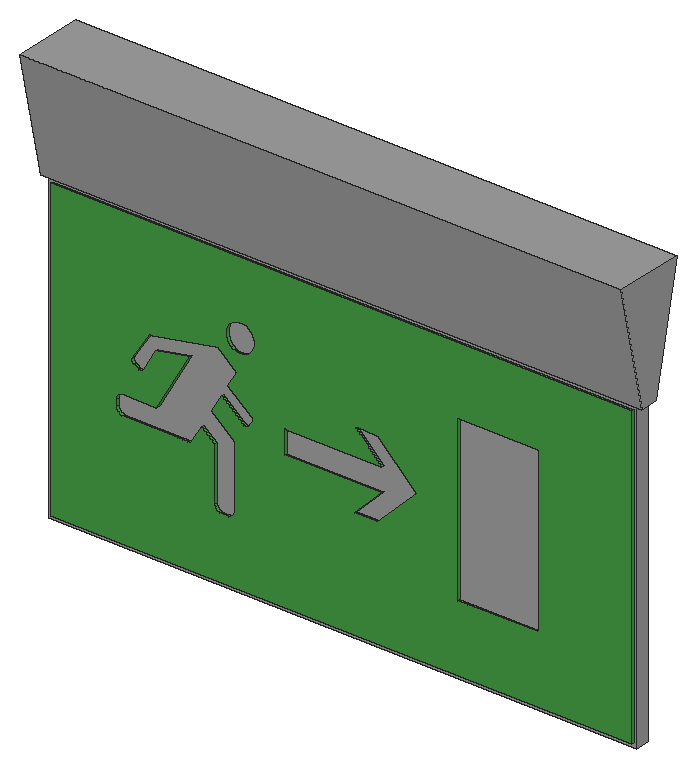
Revit family "ExiLED M ST LED (høyre_takmontasje)", category Lighting Fixtures, Revit 2013
Parameters (values of type "44m")
  Width Top = 53 mm
  Width = 10 mm
  Wattage Comments = "17 W"
  Wattage = 9.2903 W
  built-in parameter 1150110 = 1 (stored number, unit not read)
  Voltage = 230 V
  URL = ""
  built-in parameter 1114217 = 1 (stored number, unit not read)
  Tilt Angle = 90.00°
  built-in parameter 1150109 = 1 (stored number, unit not read)
  built-in parameter 1150134 = 3
  Symbol Positive Direction [instance] = yes
  Symbol Offset Side [instance] = 0 mm
  Symbol Offset Out [instance] = 0 mm
  built-in parameter 1150113 = 1 (stored number, unit not read)
  Reference Line Out [instance] = 31.983 mm
  Photometric Web File = "20x42A12.ies"
  Number of Poles = 1
  built-in parameter 1150105 = 109.82 (stored number, unit not read)
  Lumens = 1380 lm
  built-in parameter 1150115 = 1 (stored number, unit not read)
  Load Classification [instance] = Other
  Model = ""
  Manufacturer = ""
  built-in parameter 1150137 = (empty or 0)
  built-in parameter 1150139 = (empty or 0)
  Length = 455 mm
  built-in parameter 1150112 = 1 (stored number, unit not read)
  built-in parameter 1150114 = 1 (stored number, unit not read)
  Lamp = "1"
  built-in parameter 1150132 = (empty or 0)
  built-in parameter 1150102 = (empty or 0)
  built-in parameter 1150107 = 3200 (stored number, unit not read)
  built-in parameter 1150138 = (empty or 0)
  built-in parameter 1150106 = 1.0982 (stored number, unit not read)
  Height 1 = 232 mm
  Height = 322 mm
  built-in parameter 1150127 = Width  # 10 mm
  Emit from Rectangle Length = Length  # 455 mm
  Emit Shape Visible in Rendering = no
  built-in parameter 1150104 = 13.8 (stored number, unit not read)
  Dimming Lamp Color Temperature Shift = <None>
  Description = ""
  Color Filter = 16777215
  Body Material and Colour = Default
  built-in parameter 1114218 = 1 (stored number, unit not read)
  Emit from Rectangle Width = 3048 mm
  Assembly Code = ""
  Apparent Load = 17 VA
  44m = yes
  34m = no
  22m = no
Types (3, lengths in mm): name | Length | Height 1 | Height | Emit from Rectangle Length | 44m | 34m | 22m
  22m | 265 | 132 | 222 | 265 | no | no | yes
  34 m | 365 | 182 | 272 | 365 | no | yes | no
  44m | 455 | 232 | 322 | 455 | yes | no | no
Reference planes
  plane 1 "Light Source Axis (F/B)": y = 119.961
  plane 2 "Top": z = 83
  plane 3 "Light Source Axis (L/R)": x = 0
  plane 4 "Level": z = 0
  plane 5 "Bottom": z = -322
  plane 6: x = -227.5
  plane 7: x = 227.5
  plane 8: y = 124.961
  plane 9: y = 114.961
  plane 10: y = 126.961
  plane 11: y = 112.961
  plane 12: z = -90
  plane 13: y = 146.461
  plane 14: y = 93.461
  plane 15: x = -222.5
  plane 16: x = 222.5
  plane 17: z = -206
Forms (mm)
  Extrusion 1, solid, material "Default" <- "Body Material and Colour"
    sketch origin (0, 0, 0) x (0, 1, 0) y (0, 0, 1)
      loop
        line (124.961, -90) -> (114.961, -90) -> (114.961, -322) -> (124.961, -322) -> (124.961, -90)
    from -222.5 to 222.5
  Extrusion 2, solid, material "Default" <- "Body Material and Colour"
    sketch origin (0, 0, 0) x (0, 1, 0) y (0, 0, 1)
      loop
        line (93.461, 0) -> (112.961, -90) -> (126.961, -90) -> (146.461, 0) -> (93.461, 0)
    from -227.5 to 227.5
Lines and regions (mm)
  model lines, style "InvisibleLines"
    curve 1: line (0, 119.961, 0) -> (0, 151.943, 0)
Dimensions and locks
  "Height": plane 4 "Level" to plane 5 "Bottom"
  equal spacing: plane 6, plane 3 "Light Source Axis (L/R)", plane 7
  "Length": plane 6 to plane 7
  equal spacing: plane 8, plane 1 "Light Source Axis (F/B)", plane 9
  "Width": plane 8 to plane 9
  locked: plane 10 to plane 8 at 2
  locked: plane 9 to plane 11 at 2
  equal spacing: plane 13, plane 1 "Light Source Axis (F/B)", plane 14
  "Width Top": plane 13 to plane 14
  locked: plane 15 to plane 6 at 5
  locked: plane 7 to plane 16 at 5
  "Height 1": plane 12 to plane 5 "Bottom"
  equal spacing: plane 12, plane 17, plane 5 "Bottom"
  "Reference Line Out": plane 1 "Light Source Axis (F/B)" to curve 1
  aligned and locked: plane 4 "Level" to level
  aligned and locked: imposter light to plane 5 "Bottom"
  aligned and locked: plane 9 to Extrusion 1 sketch curve
  aligned and locked: plane 8 to Extrusion 1 sketch curve
  aligned and locked: Extrusion 1 sketch curve to plane 12
  aligned and locked: plane 4 "Level" to Extrusion 2 sketch curve
  aligned and locked: plane 12 to Extrusion 2 sketch curve
  aligned and locked: plane 13 to Extrusion 2 sketch curve
  aligned and locked: plane 14 to Extrusion 2 sketch curve
  aligned and locked: plane 11 to Extrusion 2 sketch curve
  aligned and locked: plane 10 to Extrusion 2 sketch curve
  aligned and locked: Extrusion 2 to plane 6
  aligned and locked: plane 7 to Extrusion 2
  aligned and locked: Extrusion 1 to plane 15
  aligned and locked: Extrusion 1 to plane 16
  aligned and locked: Extrusion 1 to plane 8
  aligned and locked: plane 9 to nested 1
  aligned and locked: plane 17 to nested 1
  aligned and locked: plane 3 "Light Source Axis (L/R)" to nested 1
  aligned and locked: plane 9 to nested 3
  aligned and locked: plane 17 to nested 3
  aligned and locked: nested 3 to plane 3 "Light Source Axis (L/R)"
  aligned and locked: plane 3 "Light Source Axis (L/R)" to nested 4
  aligned and locked: plane 9 to nested 4
  aligned and locked: plane 17 to nested 4
  aligned and locked: plane 8 to nested 5
  aligned and locked: plane 8 to nested 6
  aligned and locked: nested 5 to plane 17
  aligned and locked: nested 6 to plane 17
  aligned and locked: plane 3 "Light Source Axis (L/R)" to nested 7
  aligned and locked: plane 1 "Light Source Axis (F/B)" to nested 7
  aligned and locked: plane 1 "Light Source Axis (F/B)" to curve 1
  aligned and locked: plane 3 "Light Source Axis (L/R)" to curve 1
Automatic sketch dimensions
  Extrusion 1 sketch curve to plane 5 "Bottom" = 0 mm
Nested families
  nested 1: "22m_høyre" at (0, 114.961, -206), visible <- "22m", type "22m"
  nested 2: "22m_høyre" at (0, 124.961, -156), visible <- "22m", type "22m"
  nested 3: "34m_høyre" at (0, 114.961, -206), visible <- "34m", type "34m"
  nested 4: "44m_høyre" at (0, 114.961, -206), visible <- "44m", type "44m"
  nested 5: "44m_høyre" at (0, 124.961, -206), visible <- "44m", type "44m"
  nested 6: "34m_høyre" at (0, 124.961, -206), visible <- "34m", type "34m"
  nested 7: "MarkeringslysTakS" at (0, 119.961, 0), type "Type 1"
Connectors
  electrical at (0, 119.961, 0), driven by "Number of Poles", driven by "Load Classification", driven by "Voltage", driven by "Apparent Load"
    settings: on Extrusion 2, index 1, voltage 230 V, apparent load 0 VA, apparent load phase1 17 VA, apparent load phase2 0 VA, apparent load phase3 0 VA, power factor 1, load classification "Other", number of poles 1, system type 31, power factor state 1, is connector primary yes, connector utility no, sub classification motor no, connector description ""
Definition of nested family "22m_høyre"
  Parameters (values of type "IQ TAL teknisk alarm modul")
    Material = yes
  Reference planes
    plane 1 "Center (Front/Back)": y = 0
    plane 2: z = 0
    plane 3 "Center (Left/Right)": x = 0
    plane 4: y = -2
  Forms (mm)
    Extrusion 1, solid, material "Green", visible <- "Material"
      sketch origin (0, 0, 0) x (1, 0, 0) y (0, 0, 1)
        loop
          line (20.202, -19.415) -> (39.319, -0.297) -> (20.202, 18.821) -> (8.731, 18.821) -> (22.113, 5.438) -> (-25.681, 5.438) -> (-25.681, -6.032) -> (22.113, -6.032) -> (8.731, -19.415) -> (20.202, -19.415)
        loop
          circle (-47.537, 37.911) r 7
        loop
          line (-53.27, 25.598) -> (-58.881, 30.306) -> (-92.509, 23.758) -> (-100.937, 10.78)
          arc (-100.937, 10.78) -> (-101.208, 9.32) -> (-100.367, 8.097) r 1.939
          line (-100.367, 8.097) -> (-98.128, 6.643)
          arc (-98.128, 6.643) -> (-96.619, 6.384) -> (-95.393, 7.3) r 1.939
          line (-95.393, 7.3) -> (-89.335, 17.791) -> (-72.518, 21.066) -> (-88.794, -7.125) -> (-105.564, -7.125)
          arc (-105.564, -7.125) -> (-107.849, -8.071) -> (-108.796, -10.356) r 3.232
          line (-108.796, -10.356) -> (-108.796, -13.588)
          arc (-108.796, -13.588) -> (-107.849, -15.873) -> (-105.564, -16.82) r 3.232
          line (-105.564, -16.82) -> (-72.002, -16.82) -> (-66.839, -7.877) -> (-60.321, -13.346) -> (-60.321, -39.679)
          arc (-60.321, -39.679) -> (-59.374, -41.964) -> (-57.089, -42.911) r 3.232
          line (-57.089, -42.911) -> (-53.858, -42.911)
          arc (-53.858, -42.911) -> (-51.573, -41.964) -> (-50.626, -39.679) r 3.232
          line (-50.626, -39.679) -> (-50.626, -8.825) -> (-61.917, 0.649) -> (-56.994, 9.174) -> (-46.245, 0.154)
          arc (-46.245, 0.154) -> (-44.83, -0.292) -> (-43.513, 0.393) r 1.939
          line (-43.513, 0.393) -> (-41.851, 2.374)
          arc (-41.851, 2.374) -> (-41.405, 3.789) -> (-42.09, 5.106) r 1.939
          line (-42.09, 5.106) -> (-53.713, 14.858) -> (-49.62, 21.947) -> (-53.27, 25.598)
        loop
          line (59.537, 40.411) -> (59.537, -40.411) -> (99.537, -40.411) -> (99.537, 40.411) -> (59.537, 40.411)
        loop
          line (-124.5, 63) -> (-124.5, -63) -> (124.5, -63) -> (124.5, 63) -> (-124.5, 63)
      from 0 to 2
  Dimensions and locks
    aligned and locked: level to plane 2
    aligned and locked: plane 4 to Extrusion 1
    aligned and locked: Extrusion 1 to plane 1 "Center (Front/Back)"
    aligned and locked: Extrusion 1 to plane 4
Definition of nested family "34m_høyre"
  Parameters (values of type "34m")
    Material = yes
  Reference planes
    plane 1 "Center (Front/Back)": y = 0
    plane 2: z = 0
    plane 3 "Center (Left/Right)": x = 0
    plane 4: y = -2
  Forms (mm)
    Extrusion 1, solid, material "Green", visible <- "Material"
      sketch origin (0, 0, 0) x (1, 0, 0) y (0, 0, 1)
        loop
          line (27.78, -24.929) -> (52.327, -0.381) -> (27.78, 24.166) -> (13.051, 24.166) -> (30.235, 6.983) -> (-31.134, 6.983) -> (-31.134, -7.745) -> (30.235, -7.745) -> (13.051, -24.929) -> (27.78, -24.929)
        loop
          circle (-59.197, 48.678) r 8.988
        loop
          line (-66.559, 32.868) -> (-73.764, 38.913) -> (-116.942, 30.506) -> (-127.764, 13.841)
          arc (-127.764, 13.841) -> (-128.111, 11.967) -> (-127.032, 10.397) r 2.49
          line (-127.032, 10.397) -> (-124.157, 8.53)
          arc (-124.157, 8.53) -> (-122.22, 8.197) -> (-120.645, 9.373) r 2.49
          line (-120.645, 9.373) -> (-112.867, 22.844) -> (-91.274, 27.049) -> (-112.172, -9.148) -> (-133.705, -9.148)
          arc (-133.705, -9.148) -> (-136.639, -10.364) -> (-137.855, -13.298) r 4.149
          line (-137.855, -13.298) -> (-137.855, -17.447)
          arc (-137.855, -17.447) -> (-136.639, -20.381) -> (-133.705, -21.597) r 4.149
          line (-133.705, -21.597) -> (-90.611, -21.597) -> (-83.981, -10.114) -> (-75.612, -17.137) -> (-75.612, -50.949)
          arc (-75.612, -50.949) -> (-74.397, -53.883) -> (-71.463, -55.098) r 4.149
          line (-71.463, -55.098) -> (-67.313, -55.098)
          arc (-67.313, -55.098) -> (-64.379, -53.883) -> (-63.164, -50.949) r 4.149
          line (-63.164, -50.949) -> (-63.164, -11.332) -> (-77.661, 0.833) -> (-71.341, 11.78) -> (-57.538, 0.198)
          arc (-57.538, 0.198) -> (-55.721, -0.375) -> (-54.031, 0.505) r 2.49
          line (-54.031, 0.505) -> (-51.897, 3.048)
          arc (-51.897, 3.048) -> (-51.324, 4.865) -> (-52.204, 6.556) r 2.49
          line (-52.204, 6.556) -> (-67.127, 19.078) -> (-61.872, 28.181) -> (-66.559, 32.868)
        loop
          line (78.287, 51.888) -> (78.287, -51.888) -> (129.647, -51.888) -> (129.647, 51.888) -> (78.287, 51.888)
        loop
          line (-177, 88) -> (-177, -88) -> (177, -88) -> (177, 88) -> (-177, 88)
      from 0 to 2
  Dimensions and locks
    aligned and locked: level to plane 2
    aligned and locked: plane 4 to Extrusion 1
    aligned and locked: Extrusion 1 to plane 1 "Center (Front/Back)"
    aligned and locked: Extrusion 1 to plane 4
Definition of nested family "44m_høyre"
  Parameters (values of type "44m")
    Material = yes
  Reference planes
    plane 1 "Center (Front/Back)": y = 0
    plane 2: z = 0
    plane 3 "Center (Left/Right)": x = 0
    plane 4: y = -2
  Forms (mm)
    Extrusion 1, solid, material "Green", visible <- "Material"
      sketch origin (0, 0, 0) x (1, 0, 0) y (0, 0, 1)
        loop
          line (27.989, -29.761) -> (57.295, -0.455) -> (27.989, 28.851) -> (10.405, 28.851) -> (30.919, 8.337) -> (-42.345, 8.337) -> (-42.345, -9.247) -> (30.919, -9.247) -> (10.405, -29.761) -> (27.989, -29.761)
        loop
          circle (-75.849, 58.115) r 10.73
        loop
          line (-84.638, 39.24) -> (-93.24, 46.457) -> (-144.788, 36.42) -> (-157.708, 16.524)
          arc (-157.708, 16.524) -> (-158.123, 14.287) -> (-156.834, 12.413) r 2.972
          line (-156.834, 12.413) -> (-153.401, 10.183)
          arc (-153.401, 10.183) -> (-151.089, 9.786) -> (-149.208, 11.19) r 2.972
          line (-149.208, 11.19) -> (-139.923, 27.273) -> (-114.144, 32.293) -> (-139.094, -10.922) -> (-164.801, -10.922)
          arc (-164.801, -10.922) -> (-168.304, -12.373) -> (-169.755, -15.876) r 4.954
          line (-169.755, -15.876) -> (-169.755, -20.829)
          arc (-169.755, -20.829) -> (-168.304, -24.332) -> (-164.801, -25.783) r 4.954
          line (-164.801, -25.783) -> (-113.353, -25.783) -> (-105.438, -12.075) -> (-95.446, -20.459) -> (-95.446, -60.825)
          arc (-95.446, -60.825) -> (-93.995, -64.328) -> (-90.492, -65.779) r 4.954
          line (-90.492, -65.779) -> (-85.539, -65.779)
          arc (-85.539, -65.779) -> (-82.036, -64.328) -> (-80.585, -60.825) r 4.954
          line (-80.585, -60.825) -> (-80.585, -13.528) -> (-97.892, 0.994) -> (-90.347, 14.064) -> (-73.869, 0.237)
          arc (-73.869, 0.237) -> (-71.699, -0.447) -> (-69.681, 0.603) r 2.972
          line (-69.681, 0.603) -> (-67.134, 3.639)
          arc (-67.134, 3.639) -> (-66.45, 5.809) -> (-67.5, 7.827) r 2.972
          line (-67.5, 7.827) -> (-85.317, 22.776) -> (-79.042, 33.644) -> (-84.638, 39.24)
        loop
          line (88.287, 61.947) -> (88.287, -61.947) -> (149.604, -61.947) -> (149.604, 61.947) -> (88.287, 61.947)
        loop
          line (-220, 113) -> (-220, -113) -> (220, -113) -> (220, 113) -> (-220, 113)
      from 0 to 2
  Dimensions and locks
    aligned and locked: level to plane 2
    aligned and locked: plane 4 to Extrusion 1
    aligned and locked: Extrusion 1 to plane 1 "Center (Front/Back)"
    aligned and locked: Extrusion 1 to plane 4
Definition of nested family "MarkeringslysTakS"
  Parameters (values of type "Type 1")
    CQ Symbol Positive Direction = yes
    CQ Symbol Negative Direction = not(CQ Symbol Positive Direction)  # no
    CQ Symbol Offset Side = 0 mm
    CQ Symbol Offset Out = 0 mm
  Reference planes
    plane 1: y = 0
    plane 2: x = 0
  Dimensions and locks
    "CQ Symbol Offset Out": plane 1 to nested 1
    "CQ Symbol Offset Out": plane 1 to nested 2
    "CQ Symbol Offset Side": plane 2 to nested 2
    "CQ Symbol Offset Side": nested 1 to plane 2
  Nested families
    nested 1: "LedelysSub" at (0, 0, 0), visible <- "CQ Symbol Negative Direction", type "Type 1"
    nested 2: "LedelysSub" at (0, 0, 0), visible <- "CQ Symbol Positive Direction", type "Type 1"
  Definition of nested family "LedelysSub"
    Reference planes
      plane 1: y = 0
      plane 2: x = 0
    Lines and regions (mm)
      Filled region 1, type "Filled region 1"
        outline origin (64.576, 51.459, 0) x (1, 0, 0) y (0, 1, 0)
          loop
            arc (-65.575, -52.307) -> (-65.224, -51.459) -> (-65.575, -50.61) r 1.2
            line (-65.575, -50.61) -> (-66.424, -51.459) -> (-65.575, -52.307)
      Filled region 2, type "Filled region 1"
        outline origin (-68.271, 51.459, 0) x (0, 1, 0) y (-1, 0, 0)
          loop
            line (-52.307, -65.575) -> (-51.459, -66.424) -> (-50.61, -65.575)
            arc (-50.61, -65.575) -> (-51.459, -65.224) -> (-52.307, -65.575) r 1.2
      detail lines
        curve 1: line (-4, -2, 0) -> (4, -2, 0)
        curve 2: line (4, -2, 0) -> (4, 2, 0)
        curve 3: line (4, 2, 0) -> (-4, 2, 0)
        curve 4: line (-4, 2, 0) -> (-4, -2, 0)
        curve 5: line (-3.097, -1.25, 0) -> (-0.597, 1.25, 0)
        curve 6: line (-3.097, 1.25, 0) -> (-0.597, -1.25, 0)
        curve 7: circle (-1.847, 0, 0) r 1.2 normal (0, 0, 1)
    Text (mm)
      text "ML" at (2.179, 1.025, 0)
    Dimensions and locks
      aligned and locked: Filled region 1 sketch curve to curve 7
